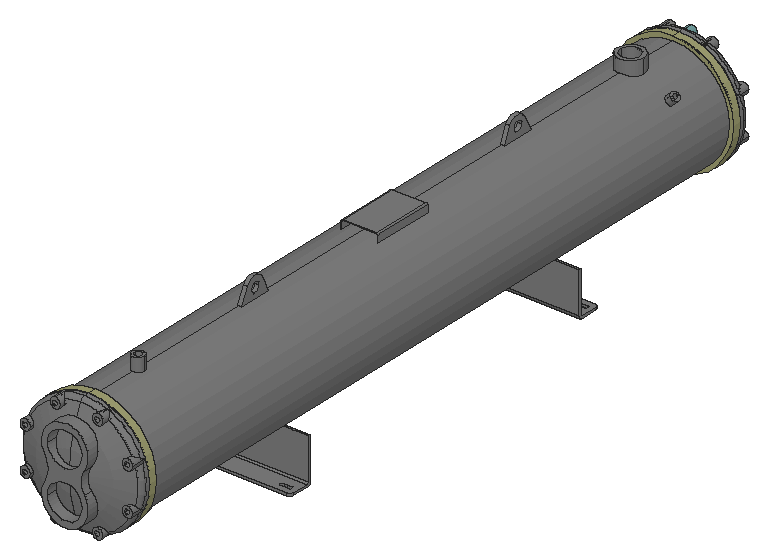
Revit family "MIT-BCM_400_4P", category Specialty Equipment, Revit 2022
Family settings
  Round Connector Dimension = Use Radius
  Part Type = Normal
  Work Plane-Based = No
  Always vertical = Yes
  Cut with Voids When Loaded = No
  Maintain Annotation Orientation = No
  Shared = No
  Room Calculation Point = No
Parameters
  URL = "https://en.ekinendustriyel.com/evaporators-and-condensers"
  Test Pressure = 64.35 bar
  Production Standard = "TS EN 13831"
  Operating Pressure = 45.0 bar
  Model = "MIT-BCM 400_4P"
  Manufacturer = "Ekin Endüstriyel"
  Keynote = "Condensers"
  Description = "MIT- Condensers"
  Default Elevation = 0 mm
Reference planes
  plane 1 "Center (Front/Back)": y = 0
  plane 2: z = 0
  plane 3 "Center (Left/Right)": x = 0
Forms (mm)
  Extrusion 1, solid, material "Ekin Endustriyel-S235JR", detail levels medium+fine
    sketch origin (0, 0, 0) x (1, 0, 0) y (0, 0, 1)
      loop
        circle (0, 216.5) r 136.55
    from -880 to 880
  Extrusion 2, solid, material "Ekin Endustriyel-S235JR", detail levels fine
    sketch origin (0, 0, 109.887) x (1, 0, 0) y (0, 0, 1)
      loop
        line (-45, 235.88) -> (-44, 235.88) -> (-44, 252.88)
        arc (-44, 252.88) -> (-43.414, 254.294) -> (-42, 254.88) r 2
        line (-42, 254.88) -> (42, 254.88)
        arc (42, 254.88) -> (43.414, 254.294) -> (44, 252.88) r 2
        line (44, 252.88) -> (44, 235.88) -> (45, 235.88) -> (45, 252.88)
        arc (45, 252.88) -> (44.121, 255.002) -> (42, 255.88) r 3
        line (42, 255.88) -> (-42, 255.88)
        arc (-42, 255.88) -> (-44.121, 255.002) -> (-45, 252.88) r 3
        line (-45, 252.88) -> (-45, 235.88)
    from -75 to 75
  Extrusion 3, solid, material "Ekin Endustriyel-S235JR", detail levels medium+fine
    sketch origin (0, 500.19, 28.671) x (1, 0, 0) y (0, 1, 0)
      loop
        circle (0, 249.81) r 32.5
      loop
        circle (0, 249.81) r 23.144
    from 354.329 to 306.293
  Extrusion 4, solid, material "Ekin Endustriyel-S235JR", detail levels medium+fine
    sketch origin (0, -499.666, 25.55) x (1, 0, 0) y (0, 1, 0)
      loop
        circle (0, -250.334) r 15
      loop
        circle (0, -250.334) r 8.928
    from 357.653 to 211.07
  Extrusion 5, solid, material "Ekin Endustriyel-S235JR", detail levels medium+fine
    sketch origin (71.72, 749.856, 264.541) x (0, 1, 0) y (-0.707107, 0, 0.707107)
      loop
        circle (0.144, 16.744) r 11
      loop
        circle (0.144, 16.744) r 6.244
    from 69.372 to -32.02
  Extrusion 6, solid, material "Ekin Endustriyel-S235JR", detail levels medium+fine
    sketch origin (0, -500.291, 0) x (1, 0, 0) y (0, 1, 0)
      loop
        circle (0, -249.709) r 25
      loop
        circle (0, -249.709) r 20.109
    from 50 to 169.15
  Extrusion 7, solid, material "Ekin Endustriyel-S235JR", detail levels coarse
    sketch origin (0, 0, 12.15) x (1, 0, 0) y (0, 0, 1)
      loop
        circle (0, 204.35) r 147.5
    from -958 to 963
  Extrusion 8, solid, material "Ekin Endustriyel-S235JR", detail levels medium+fine
    sketch origin (0, -275.334, 0) x (0, -1, 0) y (0, 0, -1)
      loop
        line (134.666, -9) -> (134.666, -110) -> (139.666, -110) -> (139.666, -9)
        arc (139.666, -9) -> (140.837, -6.172) -> (143.666, -5) r 4
        line (143.666, -5) -> (194.666, -5) -> (194.666, 0) -> (143.666, 0)
        arc (143.666, 0) -> (137.302, -2.636) -> (134.666, -9) r 9
    from -147.5 to 147.5
  Extrusion 9, void
    sketch origin (0, -470, 5) x (0, 1, 0) y (-1, 0, 0)
      loop
        arc (25.25, -111) -> (20, -105.75) -> (14.75, -111) r 5.25
        line (14.75, -111) -> (14.75, -131)
        arc (14.75, -131) -> (20, -136.25) -> (25.25, -131) r 5.25
        line (25.25, -131) -> (25.25, -111)
      loop
        arc (10, -147.5) -> (2.929, -144.571) -> (0, -137.5) r 10
        line (0, -137.5) -> (0, 137.5)
        arc (0, 137.5) -> (2.929, 144.571) -> (10, 147.5) r 10
        line (10, 147.5) -> (-10, 147.5) -> (-10, -147.5) -> (10, -147.5)
      loop
        line (14.75, 131) -> (14.75, 111)
        arc (14.75, 111) -> (20, 105.75) -> (25.25, 111) r 5.25
        line (25.25, 111) -> (25.25, 131)
        arc (25.25, 131) -> (20, 136.25) -> (14.75, 131) r 5.25
    from -5 to 0
  Extrusion 10, solid, material "Ekin Endustriyel-S235JR", detail levels medium+fine
    sketch origin (40, -549.666, 12.133) x (1, 0, 0) y (0, 0, 1)
      loop
        circle (-40, 261.867) r 42.65
      loop
        circle (-40, 146.867) r 42.65
      loop
        arc (7.514, 231.018) -> (-40, 318.517) -> (-87.514, 231.018) r 56.65
        arc (-87.514, 231.018) -> (-80.172, 204.367) -> (-87.514, 177.716) r 52.041
        arc (-87.514, 177.716) -> (-40, 90.217) -> (7.514, 177.716) r 56.65
        arc (7.514, 177.716) -> (0.172, 204.367) -> (7.514, 231.018) r 52.041
    from 390.526 to 423.361
  Extrusion 11, solid, material "Ekin Endustriyel-S235JR", detail levels medium+fine
    sketch origin (0, -549.666, 12.133) x (1, 0, 0) y (0, 0, -1)
      loop
        circle (-51.638, -329.097) r 12.5
      loop
        circle (-51.662, -329.09) r 6.25
      loop
        circle (51.638, -329.097) r 12.5
      loop
        circle (51.662, -329.09) r 6.25
      loop
        circle (-51.638, -79.637) r 12.5
      loop
        circle (-51.662, -79.643) r 6.25
      loop
        circle (51.638, -79.637) r 12.5
      loop
        circle (51.662, -79.643) r 6.25
      loop
        circle (-124.73, -152.728) r 12.5
      loop
        circle (-124.724, -152.704) r 6.25
      loop
        circle (-124.73, -256.005) r 12.5
      loop
        circle (-124.724, -256.029) r 6.25
      loop
        circle (124.73, -152.728) r 12.5
      loop
        circle (124.724, -152.704) r 6.25
      loop
        circle (124.73, -256.005) r 12.5
      loop
        circle (124.724, -256.029) r 6.25
    from -388.334 to -355.334
  Extrusion 12, solid, material "Ekin Endustriyel-S235JR", detail levels fine
    sketch origin (0, -0.334, 79.238) x (0, -1, 0) y (0, 0, -1)
      loop
        line (-440.334, -273.721) -> (-422.806, -309.676)
        arc (-422.806, -309.676) -> (-400.334, -323.721) -> (-377.863, -309.676) r 25
        line (-377.863, -309.676) -> (-360.334, -273.721) -> (-440.334, -273.721)
      loop
        circle (-400.334, -298.721) r 12.5
      loop
        line (439.666, -273.721) -> (359.666, -273.721) -> (377.194, -309.676)
        arc (377.194, -309.676) -> (399.666, -323.721) -> (422.137, -309.676) r 25
        line (422.137, -309.676) -> (439.666, -273.721)
      loop
        circle (399.666, -298.721) r 12.5
    from -5 to 5
  Extrusion 13, solid, material "Ekin Endustriyel-AISI316L", detail levels medium+fine
    sketch origin (0, -549.666, 12.133) x (1, 0, 0) y (0, 0, 1)
      loop
        circle (0, 204.367) r 147.5
    from 330.334 to 350.334
  Revolve 14, solid, material "Ekin Endustriyel-S235JR", detail levels medium+fine
    sketch origin (0, -549.666, 12.133) x (0, 1, 0) y (0, 0, 1)
      loop
        line (-350.334, 351.867) -> (-361.403, 351.867)
        arc (-361.403, 351.867) -> (-369.114, 349.693) -> (-374.553, 343.811) r 14.761
        arc (-374.553, 343.811) -> (-399.668, 276.073) -> (-408.463, 204.367) r 310.769
        line (-408.463, 204.367) -> (-350.334, 204.367) -> (-350.334, 351.867)
      axis (-350.334, 204.367) -> (-408.463, 204.367)
    angle from 0 to 360
  Extrusion 15, solid, material "Ekin Endustriyel-S235JR", detail levels medium+fine
    sketch origin (0, 275.334, 0) x (0, 1, 0) y (0, 0, 1)
      loop
        arc (134.666, 9) -> (137.302, 2.636) -> (143.666, 0) r 9
        line (143.666, 0) -> (194.666, 0) -> (194.666, 5) -> (143.666, 5)
        arc (143.666, 5) -> (140.837, 6.172) -> (139.666, 9) r 4
        line (139.666, 9) -> (139.666, 110) -> (134.666, 110) -> (134.666, 9)
    from -147.5 to 147.5
  Extrusion 16, void
    sketch origin (0, 470, 5) x (0, -1, 0) y (1, 0, 0)
      loop
        line (25.25, 111) -> (25.25, 131)
        arc (25.25, 131) -> (20, 136.25) -> (14.75, 131) r 5.25
        line (14.75, 131) -> (14.75, 111)
        arc (14.75, 111) -> (20, 105.75) -> (25.25, 111) r 5.25
      loop
        line (10, 147.5) -> (-10, 147.5) -> (-10, -147.5) -> (10, -147.5)
        arc (10, -147.5) -> (2.929, -144.571) -> (0, -137.5) r 10
        line (0, -137.5) -> (0, 137.5)
        arc (0, 137.5) -> (2.929, 144.571) -> (10, 147.5) r 10
      loop
        arc (14.75, -131) -> (20, -136.25) -> (25.25, -131) r 5.25
        line (25.25, -131) -> (25.25, -111)
        arc (25.25, -111) -> (20, -105.75) -> (14.75, -111) r 5.25
        line (14.75, -111) -> (14.75, -131)
    from -5 to 0
  Extrusion 17, solid, material "Ekin Endustriyel-Zinc", detail levels medium+fine
    sketch origin (0, 549.666, 12.133) x (1, 0, 0) y (0, 0, 1)
      loop
        circle (0, 336.597) r 12.5
    from -388.334 to -355.334
  Extrusion 18, solid, material "Ekin Endustriyel-AISI316L", detail levels medium+fine
    sketch origin (0, 549.666, 12.133) x (1, 0, 0) y (0, 0, -1)
      loop
        circle (0, -204.367) r 147.5
    from 330.334 to 350.334
  Revolve 19, solid, material "Ekin Endustriyel-S235JR", detail levels medium+fine
    sketch origin (0, 549.666, 12.133) x (0, -1, 0) y (0, 0, -1)
      loop
        line (-350.334, -351.867) -> (-350.334, -204.367) -> (-408.463, -204.367)
        arc (-408.463, -204.367) -> (-399.668, -276.073) -> (-374.553, -343.811) r 310.769
        arc (-374.553, -343.811) -> (-369.114, -349.693) -> (-361.403, -351.867) r 14.761
        line (-361.403, -351.867) -> (-350.334, -351.867)
      axis (-350.334, -204.367) -> (-408.463, -204.367)
    angle from 0 to 360
  Extrusion 20, solid, material "Ekin Endustriyel-S235JR", detail levels medium+fine
    sketch origin (0, 549.666, 12.133) x (1, 0, 0) y (0, 0, 1)
      loop
        circle (-51.638, 329.097) r 12.5
      loop
        circle (-51.662, 329.09) r 6.25
      loop
        circle (51.638, 329.097) r 12.5
      loop
        circle (51.662, 329.09) r 6.25
      loop
        circle (-51.638, 79.637) r 12.5
      loop
        circle (-51.662, 79.643) r 6.25
      loop
        circle (51.638, 79.637) r 12.5
      loop
        circle (51.662, 79.643) r 6.25
      loop
        circle (-124.73, 152.728) r 12.5
      loop
        circle (-124.724, 152.704) r 6.25
      loop
        circle (-124.73, 256.005) r 12.5
      loop
        circle (-124.724, 256.029) r 6.25
      loop
        circle (124.73, 152.728) r 12.5
      loop
        circle (124.724, 152.704) r 6.25
      loop
        circle (124.73, 256.005) r 12.5
      loop
        circle (124.724, 256.029) r 6.25
      loop
        circle (0, 72.137) r 12.5
    from -388.334 to -355.334
  Extrusion 21, solid, material "Ekin Endustriyel-S235JR", detail levels medium+fine
    sketch origin (0, 549.666, 12.133) x (1, 0, 0) y (0, 0, 1)
      loop
        circle (53.033, 257.4) r 17.538
      loop
        circle (-53.033, 151.334) r 17.462
    from -408.334 to -355.334
Cuts and joins
  Extrusion 9, Extrusion 16 cuts Extrusion 8
  Extrusion 16 cuts Extrusion 15
  joined: Extrusion 1, Extrusion 3, Extrusion 4, Extrusion 5, Extrusion 6, Extrusion 8, Extrusion 15
Dimensions and locks
  aligned and locked: level to plane 2
Connectors
  piping at (0, -973.026, 274), diameter 76.2
    settings: on Extrusion 10, index 1, connector inside diameter 609.6 mm, connector length 0 mm, flow factor 0, pipe flow 0.0 L/s, pressure drop 0.0 Pa, fitting loss kfactor 0, connector angle 0.00°, fixture units 0, engagement length 0 mm, angle of deflection 0.00°, flow configuration 0, flow direction 1, fitting loss method 0, system type 7, joint type 0, gender type 0, connector reference index -1, connector utility 0, adjustable connector no, is connector primary yes, connector description ""
  piping at (0, -973.026, 159), diameter 76.2
    settings: on Extrusion 10, index 2, connector inside diameter 609.6 mm, connector length 0 mm, flow factor 0, pipe flow 0.0 L/s, pressure drop 0.0 Pa, fitting loss kfactor 0, connector angle 0.00°, fixture units 0, engagement length 0 mm, angle of deflection 0.00°, flow configuration 0, flow direction 2, fitting loss method 0, system type 7, joint type 0, gender type 0, connector reference index -1, connector utility 0, adjustable connector no, is connector primary no, connector description ""
  hvac at (0, 750, 383)
    settings: on Extrusion 3, index 3, duct flow 0.0 L/s, flow factor 0, pres drop 0.0 bar, loss coef 0, conn angle 0.00°, conn width 304.8 mm, conn height 304.8 mm, conn diameter 54 mm, duct sys type 3, conn prof type 0, flow config 0, flow direction 0, loss method 0, conn ref index -1, conn util no, is conn primary yes, conn desc ""
  hvac at (0, -750, 50)
    settings: on Extrusion 6, index 4, duct flow 0.0 L/s, flow factor 0, pres drop 0.0 bar, loss coef 0, conn angle 0.00°, conn width 304.8 mm, conn height 304.8 mm, conn diameter 42 mm, duct sys type 3, conn prof type 0, flow config 0, flow direction 0, loss method 0, conn ref index -1, conn util no, is conn primary no, conn desc ""
